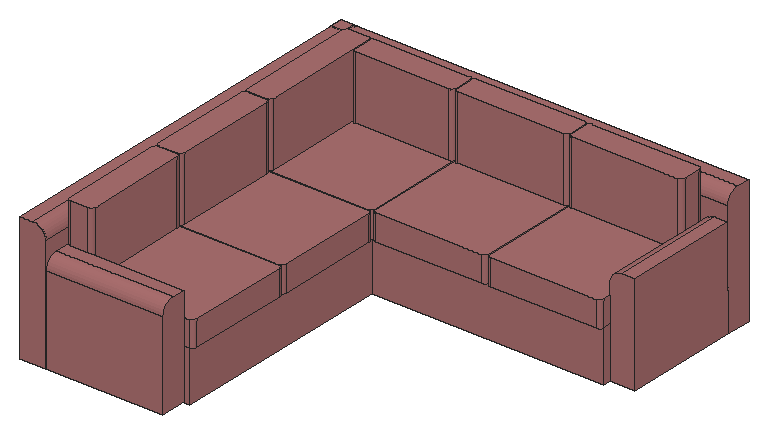
Revit family "corner_sofa_16756", category Мебель, Revit 2017
Family settings
  На основе рабочей плоскости = Нет
  Всегда вертикально = Да
  При загрузке вырезать с полостями = Нет
  Общий = Нет
  Точка расчета площади = Нет
Reference planes (cm)
  plane 1 "Center F/B": y = 0
  plane 2: z = 0
  plane 3 "Center L/R": x = 0
  plane 4: x = -121.92
  plane 5: x = 121.92
  plane 6: y = 91.44
  plane 7: x = -106.68
  plane 8: x = 106.68
  plane 9: y = 76.2
  plane 10: x = -121.92
  plane 11: z = 60
  plane 12: x = 121.92
  plane 13: y = -121.92
  plane 14: x = -121.92
  plane 15: x = -30.48
  plane 16: y = -121.92
  plane 17: y = 121.92
  plane 18: x = -121.92
  plane 19: y = -106.68
  plane 20: y = 106.68
  plane 21: x = -106.68
  plane 22: y = -106.68
  plane 23: y = -53.34
  plane 24: x = -30.48
  plane 25: x = 38.1
  plane 26: x = 106.68
  plane 27: y = -377.5553
  plane 28: z = 60
Forms (cm)
  Extrusion 1, solid, material "stoffa bordeaux"
    sketch origin (0, 0, 0) x (1, 0, 0) y (0, 1, 0)
      loop
        line (-106.68, 2.2456) -> (106.68, 2.2456) -> (106.68, 76.2) -> (-106.68, 76.2) -> (-106.68, 2.2456)
    from 0 to 30.48
  Extrusion 2, solid, material "stoffa bordeaux"
    sketch origin (0, 0, -16.2) x (-1, 0, 0) y (0, 0, -1)
      loop
        line (-121.92, -16.2) -> (-121.92, -76.2) -> (-114.3, -76.2)
        arc (-114.3, -76.2) -> (-108.9118, -73.9682) -> (-106.68, -68.58) r 7.62
        line (-106.68, -68.58) -> (-106.68, -16.2) -> (-121.92, -16.2)
    from -6.44 to -76.2
  Extrusion 3, solid, material "stoffa bordeaux"
    sketch origin (0, 0, 0) x (0, 1, 0) y (0, 0, 1)
      loop
        line (91.44, 0) -> (91.44, 76.2) -> (83.9074, 76.2)
        arc (83.9074, 76.2) -> (78.5192, 73.9682) -> (76.2874, 68.58) r 7.62
        line (76.2874, 68.58) -> (76.2874, 0) -> (91.44, 0)
    from 121.92 to -121.92
  Extrusion 4, solid, material "stoffa bordeaux"
    sketch origin (-30.3926, -45.72, 0) x (-1, 0, 0) y (0, 0, 1)
      loop
        line (91.44, 0) -> (91.44, 76.2) -> (83.9074, 76.2)
        arc (83.9074, 76.2) -> (78.5192, 73.9682) -> (76.2874, 68.58) r 7.62
        line (76.2874, 68.58) -> (76.2874, 0) -> (91.44, 0)
    from 137.16 to -103.2353
  Extrusion 5, solid, material "stoffa bordeaux"
    sketch origin (-30.48, 0, 0) x (0, 1, 0) y (-1, 0, 0)
      loop
        line (-133.7153, 2.008) -> (2.2456, 2.008) -> (2.2456, 89.501) -> (-133.7153, 89.501) -> (-133.7153, 2.008)
    from 0 to 30.48
  Extrusion 6, solid, material "stoffa bordeaux"
    sketch origin (0, 53.34, 0) x (1, 0, 0) y (0, 1, 0)
      loop
        line (-32.7329, -53.34) -> (-104.14, -53.34)
        arc (-104.14, -53.34) -> (-105.9361, -54.0839) -> (-106.68, -55.88) r 2.54
        line (-106.68, -55.88) -> (-106.68, -117.6576)
        arc (-106.68, -117.6576) -> (-105.9361, -119.4537) -> (-104.14, -120.1976) r 2.54
        line (-104.14, -120.1976) -> (-32.7329, -120.1976)
        arc (-32.7329, -120.1976) -> (-30.9368, -119.4537) -> (-30.1929, -117.6576) r 2.54
        line (-30.1929, -117.6576) -> (-30.1929, -55.88)
        arc (-30.1929, -55.88) -> (-30.9368, -54.0839) -> (-32.7329, -53.34) r 2.54
    from 30.48 to 45.72
  Extrusion 7, solid, material "stoffa bordeaux"
    sketch origin (0, 0, 0) x (1, 0, 0) y (0, 1, 0)
      loop
        line (40.64, 0) -> (104.14, 0)
        arc (104.14, 0) -> (105.9361, 0.7439) -> (106.68, 2.54) r 2.54
        line (106.68, 2.54) -> (106.68, 73.66)
        arc (106.68, 73.66) -> (105.9361, 75.4561) -> (104.14, 76.2) r 2.54
        line (104.14, 76.2) -> (40.64, 76.2)
        arc (40.64, 76.2) -> (38.8439, 75.4561) -> (38.1, 73.66) r 2.54
        line (38.1, 73.66) -> (38.1, 2.54)
        arc (38.1, 2.54) -> (38.8439, 0.7439) -> (40.64, 0) r 2.54
    from 30.48 to 45.72
  Extrusion 8, solid, material "stoffa bordeaux"
    sketch origin (-91.44, 0, 0) x (1, 0, 0) y (0, 1, 0)
      loop
        line (63.5, 0) -> (127, 0)
        arc (127, 0) -> (128.7961, 0.7439) -> (129.54, 2.54) r 2.54
        line (129.54, 2.54) -> (129.54, 73.66)
        arc (129.54, 73.66) -> (128.7961, 75.4561) -> (127, 76.2) r 2.54
        line (127, 76.2) -> (63.5, 76.2)
        arc (63.5, 76.2) -> (61.7039, 75.4561) -> (60.96, 73.66) r 2.54
        line (60.96, 73.66) -> (60.96, 2.54)
        arc (60.96, 2.54) -> (61.7039, 0.7439) -> (63.5, 0) r 2.54
    from 30.48 to 45.72
  Extrusion 9, solid, material "stoffa bordeaux"
    sketch origin (0, 0, 0) x (1, 0, 0) y (0, 1, 0)
      loop
        line (-104.14, 0) -> (-33.02, 0)
        arc (-33.02, 0) -> (-31.2239, 0.7439) -> (-30.48, 2.54) r 2.54
        line (-30.48, 2.54) -> (-30.48, 73.66)
        arc (-30.48, 73.66) -> (-31.2239, 75.4561) -> (-33.02, 76.2) r 2.54
        line (-33.02, 76.2) -> (-104.14, 76.2)
        arc (-104.14, 76.2) -> (-105.9361, 75.4561) -> (-106.68, 73.66) r 2.54
        line (-106.68, 73.66) -> (-106.68, 2.54)
        arc (-106.68, 2.54) -> (-105.9361, 0.7439) -> (-104.14, 0) r 2.54
    from 30.48 to 45.72
  Extrusion 10, solid, material "stoffa bordeaux"
    sketch origin (0, 53.34, 0) x (1, 0, 0) y (0, 1, 0)
      loop
        line (-104.14, -119.7764) -> (-93.98, -119.7764)
        arc (-93.98, -119.7764) -> (-92.1839, -119.0324) -> (-91.44, -117.2364) r 2.54
        line (-91.44, -117.2364) -> (-91.44, -55.88)
        arc (-91.44, -55.88) -> (-92.1839, -54.0839) -> (-93.98, -53.34) r 2.54
        line (-93.98, -53.34) -> (-104.14, -53.34)
        arc (-104.14, -53.34) -> (-105.9361, -54.0839) -> (-106.68, -55.88) r 2.54
        line (-106.68, -55.88) -> (-106.68, -117.2364)
        arc (-106.68, -117.2364) -> (-105.9361, -119.0324) -> (-104.14, -119.7764) r 2.54
    from 45.72 to 83.82
  Extrusion 11, solid, material "stoffa bordeaux"
    sketch origin (0, 0, 0) x (1, 0, 0) y (0, 1, 0)
      loop
        line (-104.14, 0) -> (-93.98, 0)
        arc (-93.98, 0) -> (-92.1839, 0.7439) -> (-91.44, 2.54) r 2.54
        line (-91.44, 2.54) -> (-91.44, 73.66)
        arc (-91.44, 73.66) -> (-92.1839, 75.4561) -> (-93.98, 76.2) r 2.54
        line (-93.98, 76.2) -> (-104.14, 76.2)
        arc (-104.14, 76.2) -> (-105.9361, 75.4561) -> (-106.68, 73.66) r 2.54
        line (-106.68, 73.66) -> (-106.68, 2.54)
        arc (-106.68, 2.54) -> (-105.9361, 0.7439) -> (-104.14, 0) r 2.54
    from 45.72 to 83.82
  Extrusion 12, solid, material "stoffa bordeaux"
    sketch origin (0, 0, 0) x (1, 0, 0) y (0, 1, 0)
      loop
        line (-88.9, 60.96) -> (-33.02, 60.96)
        arc (-33.02, 60.96) -> (-31.2239, 61.7039) -> (-30.48, 63.5) r 2.54
        line (-30.48, 63.5) -> (-30.48, 73.66)
        arc (-30.48, 73.66) -> (-31.2239, 75.4561) -> (-33.02, 76.2) r 2.54
        line (-33.02, 76.2) -> (-88.9, 76.2)
        arc (-88.9, 76.2) -> (-90.6961, 75.4561) -> (-91.44, 73.66) r 2.54
        line (-91.44, 73.66) -> (-91.44, 63.5)
        arc (-91.44, 63.5) -> (-90.6961, 61.7039) -> (-88.9, 60.96) r 2.54
    from 45.72 to 83.82
  Extrusion 13, solid, material "stoffa bordeaux"
    sketch origin (0, 0, 0) x (1, 0, 0) y (0, 1, 0)
      loop
        arc (-27.94, 76.2) -> (-29.7361, 75.4561) -> (-30.48, 73.66) r 2.54
        line (-30.48, 73.66) -> (-30.48, 63.5)
        arc (-30.48, 63.5) -> (-29.7361, 61.7039) -> (-27.94, 60.96) r 2.54
        line (-27.94, 60.96) -> (35.56, 60.96)
        arc (35.56, 60.96) -> (37.3561, 61.7039) -> (38.1, 63.5) r 2.54
        line (38.1, 63.5) -> (38.1, 73.66)
        arc (38.1, 73.66) -> (37.3561, 75.4561) -> (35.56, 76.2) r 2.54
        line (35.56, 76.2) -> (-27.94, 76.2)
    from 45.72 to 83.82
  Extrusion 14, solid, material "stoffa bordeaux"
    sketch origin (91.44, 0, 0) x (1, 0, 0) y (0, 1, 0)
      loop
        arc (-50.8, 76.2) -> (-52.5961, 75.4561) -> (-53.34, 73.66) r 2.54
        line (-53.34, 73.66) -> (-53.34, 63.5)
        arc (-53.34, 63.5) -> (-52.5961, 61.7039) -> (-50.8, 60.96) r 2.54
        line (-50.8, 60.96) -> (12.7, 60.96)
        arc (12.7, 60.96) -> (14.4961, 61.7039) -> (15.24, 63.5) r 2.54
        line (15.24, 63.5) -> (15.24, 73.66)
        arc (15.24, 73.66) -> (14.4961, 75.4561) -> (12.7, 76.2) r 2.54
        line (12.7, 76.2) -> (-50.8, 76.2)
    from 45.72 to 83.82
  Extrusion 15, solid, material "stoffa bordeaux"
    sketch origin (0, -13.5176, 0) x (1, 0, 0) y (0, 1, 0)
      loop
        line (-32.7329, -53.34) -> (-104.14, -53.34)
        arc (-104.14, -53.34) -> (-105.9361, -54.0839) -> (-106.68, -55.88) r 2.54
        line (-106.68, -55.88) -> (-106.68, -117.6576)
        arc (-106.68, -117.6576) -> (-105.9361, -119.4537) -> (-104.14, -120.1976) r 2.54
        line (-104.14, -120.1976) -> (-32.7329, -120.1976)
        arc (-32.7329, -120.1976) -> (-30.9368, -119.4537) -> (-30.1929, -117.6576) r 2.54
        line (-30.1929, -117.6576) -> (-30.1929, -55.88)
        arc (-30.1929, -55.88) -> (-30.9368, -54.0839) -> (-32.7329, -53.34) r 2.54
    from 30.48 to 45.72
  Extrusion 16, solid, material "stoffa bordeaux"
    sketch origin (0, -13.5176, 0) x (1, 0, 0) y (0, 1, 0)
      loop
        line (-104.14, -119.7764) -> (-93.98, -119.7764)
        arc (-93.98, -119.7764) -> (-92.1839, -119.0324) -> (-91.44, -117.2364) r 2.54
        line (-91.44, -117.2364) -> (-91.44, -55.88)
        arc (-91.44, -55.88) -> (-92.1839, -54.0839) -> (-93.98, -53.34) r 2.54
        line (-93.98, -53.34) -> (-104.14, -53.34)
        arc (-104.14, -53.34) -> (-105.9361, -54.0839) -> (-106.68, -55.88) r 2.54
        line (-106.68, -55.88) -> (-106.68, -117.2364)
        arc (-106.68, -117.2364) -> (-105.9361, -119.0324) -> (-104.14, -119.7764) r 2.54
    from 45.72 to 83.82
  Extrusion 17, solid, material "stoffa bordeaux"
    sketch origin (-30.48, -255.6353, -16.2) x (0, -1, 0) y (0, 0, -1)
      loop
        line (-121.92, -16.2) -> (-121.92, -76.2) -> (-114.3, -76.2)
        arc (-114.3, -76.2) -> (-108.9118, -73.9682) -> (-106.68, -68.58) r 7.62
        line (-106.68, -68.58) -> (-106.68, -16.2) -> (-121.92, -16.2)
    from -5.7554 to -76.2
Dimensions and locks (cm)
  equal spacing: plane 22, plane 23, plane 1 "Center F/B"
  equal spacing: plane 24, plane 25, plane 26
